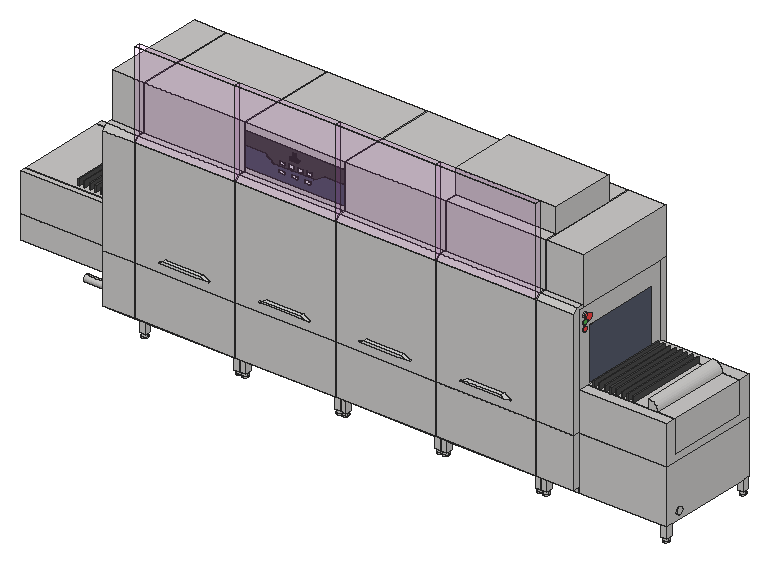
Revit family "QF_ELECTROLUXPROFESSIONAL_520713_EFTD064EL2U1D1M5L385", category Attrezzature speciali, Revit 2020
Family settings
  Quota connettore circolare = Usa diametro
  Tipo di parte = Normale
  Basato su piano di lavoro = No
  Sempre verticale = Sì
  Taglio con vuoti quando caricato = No
  Condiviso = No
  Punto di calcolo locali = No
Parameters (values of type "Standard")
  Weight = 1100.00 kg
  Watts = 48500 W
  Volts = 380 V
  URL Manufacturer = "https://www.electroluxprofessional.com/"
  URL = "https://www.electroluxprofessional.com/"
  Steam Supply Size = 0 mm
  Steam Supply Minimum Pressure = 0.0 Pa
  Steam Supply Maximum Pressure = 0.0 Pa
  Steam Consumption per Hour = 0
  Show Logo [instance] = yes
  Show Clearance [instance] = yes
  Refrigeration Suction Line Size = 0 mm
  Refrigeration Liquid Line Size = 0 mm
  Refrigerant Compressor Remote = yes
  Prospetto di default = 0 mm
  Produttore = "Electrolux Professional"
  Phase = 3
  Modello = "EFTD064EL2U1D1M5L385"
  Length Actual = 5150 mm  # constant formula
  Item Number = "520713"
  Hot Water Size = 0 mm
  Height Actual = 1983 mm  # constant formula
  HP = "65 HP"
  Gas Size = 0 mm
  Gas KW = 0
  Gas Input Pressure = 0 W
  Direct Waste Size = 50.8 mm
  Descrizione = "FT, 2Tanks, 6400D/H, El., 950mm loading, 1000mm unloading, 1Dryer, 55mm conveyor,L>R,380V50Hz3P"
  Depth Actual = 946 mm  # constant formula
  Cycle = 50 Hz
  Condensate Return Size = 0 mm
  Compressed Air Volume = 0.0 L/s
  Compressed Air Size = 0 mm
  Compressed Air Pressure = 0.0 Pa
  Cold Water Size = 0 mm
  Accessory = yes
Reference planes
  plane 1 "Centro (Fronte/Retro)": y = 0
  plane 2: z = 0
  plane 3 "Centro (Sinistra/Destra)": x = 0
  plane 4: z = 115
Forms (mm)
  Extrusion 1, solid, material "QF_Finishes_Stainless Steel"
    sketch origin (1432.404, 2, 1806.023) x (1, 0, 0) y (0, 0, 1)
      loop
        line (407.596, -163.023) -> (407.596, -183.023) -> (427.596, -183.023) -> (427.596, -163.023) -> (407.596, -163.023)
    from 0 to 2
  Extrusion 2, solid, material "QF_Finishes_Stainless Steel"
    sketch origin (5155.617, -1522.464, 1290.159) x (0, 0, -1) y (0, -1, 0)
      loop
        circle (1102.159, -772.464) r 25
    from -9.383 to 5.617
  Extrusion 3, solid, material "QF_Finishes_Stainless Steel"
    sketch origin (2092.404, 2, 337.984) x (1, 0, 0) y (0, 0, 1)
      loop
        line (407.596, -163.023) -> (407.596, -183.023) -> (427.596, -183.023) -> (427.596, -163.023) -> (407.596, -163.023)
    from 0 to 2
  Extrusion 4, solid, material "QF_Finishes_Stainless Steel"
    sketch origin (2526.841, 200.464, 109.383) x (1, 0, 0) y (0, 1, 0)
      loop
        circle (1102.159, -772.464) r 10
    from -9.383 to 5.617
  Extrusion 5, solid, material "QF_Finishes_Stainless Steel"
    sketch origin (2597.841, 200.464, 109.383) x (1, 0, 0) y (0, 1, 0)
      loop
        circle (1102.159, -772.464) r 10
    from -9.383 to 5.617
  Extrusion 6, solid, material "QF_Finishes_Stainless Steel"
    sketch origin (444.383, 22.464, 1290.159) x (0, 0, -1) y (0, 1, 0)
      loop
        circle (1102.159, -772.464) r 25
    from -9.383 to 255.617
Dimensions and locks
  plane 4 to level = 115 mm
  aligned and locked: level to plane 2
Nested families
  nested 1: "MODULO_CENTER_800_FAN" at (3733.563, -388.258, 0), Show Clearance <- "Show Clearance", type "MODULO_CENTER_800_FAN"
    with Show Logo yes, Show Clearance yes, R_L no, L_R yes
  nested 2: "MODULO_CENTER_800" at (2133.563, -388.258, 0), Show Clearance <- "Show Clearance", type "MODULO_CENTER_800"
    with Show Logo yes, Show Clearance yes, R_L no, L_R yes
  nested 3: "MODULO_ENTRY_DISH_950" at (558.563, -388.258, 0), type "MODULO_ENTRY_DISH_950"
    with Show Logo yes, Show Clearance yes, R_L no, L_R yes
  nested 4: "MODULO_USCITA_DISH_1000" at (4508.563, -388.258, 0), type "MODULO_USCITA_DISH_1000"
    with Show Logo yes, Show Clearance yes, R_L yes, L_R no
  nested 5: "Piedino_Square_115H" at (5126.5, -73.5, 0) x (-1, 0, 0) z (0, 0, 1), type "Piedino_Square_115H"
  nested 6: "Piedino_Square_115H" at (5126.5, -838.5, 0) x (-1, 0, 0) z (0, 0, 1), type "Piedino_Square_115H"
  nested 7: "Piedino_Square_115H" at (4173.5, -73.5, 0) x (-1, 0, 0) z (0, 0, 1), type "Piedino_Square_115H"
  nested 8: "Piedino_Square_115H" at (4173.5, -838.5, 0) x (-1, 0, 0) z (0, 0, 1), type "Piedino_Square_115H"
  nested 9: "Piedino_Square_115H" at (2573.5, -838.5, 0), type "Piedino_Square_115H"
  nested 10: "Piedino_Square_115H" at (2573.5, -73.5, 0), type "Piedino_Square_115H"
  nested 11: "Piedino_Square_115H" at (3326.5, -838.5, 0), type "Piedino_Square_115H"
  nested 12: "Piedino_Square_115H" at (3326.5, -73.5, 0), type "Piedino_Square_115H"
  nested 13: "Piedino_Square_115H" at (3373.5, -838.5, 0) x (-1, 0, 0) z (0, 0, 1), type "Piedino_Square_115H"
  nested 14: "Piedino_Square_115H" at (3373.5, -73.5, 0) x (-1, 0, 0) z (0, 0, 1), type "Piedino_Square_115H"
  nested 15: "Piedino_Square_115H" at (4126.5, -838.5, 0) x (-1, 0, 0) z (0, 0, 1), type "Piedino_Square_115H"
  nested 16: "Piedino_Square_115H" at (4126.5, -73.5, 0) x (-1, 0, 0) z (0, 0, 1), type "Piedino_Square_115H"
  nested 17: "Piedino_Square_115H" at (1773.5, -838.5, 0), type "Piedino_Square_115H"
  nested 18: "Piedino_Square_115H" at (1773.5, -73.5, 0), type "Piedino_Square_115H"
  nested 19: "Piedino_Square_115H" at (2526.5, -838.5, 0), type "Piedino_Square_115H"
  nested 20: "Piedino_Square_115H" at (2526.5, -73.5, 0), type "Piedino_Square_115H"
  nested 21: "MANIGLIA_FLIGHT_400" at (2150, -912, 639.28) x (1, 0, 0) z (0, -1, 0), type "MANIGLIA_FLIGHT_400"
  nested 22: "MANIGLIA_FLIGHT_400" at (3750, -912, 639.28) x (1, 0, 0) z (0, -1, 0), type "MANIGLIA_FLIGHT_400"
  nested 23: "MANIGLIA_FLIGHT_400" at (2950, -912, 639.28) x (1, 0, 0) z (0, -1, 0), type "MANIGLIA_FLIGHT_400"
  nested 24: "Schermo_Flight_800" at (2150, -815, 1583) x (1, 0, 0) z (0, -1, 0), type "Schermo_Flight_800"
  nested 25: "ELX_LOGO_WORDS_WHITE" at (2150, -816.6, 1663) x (1, 0, 0) z (0, -1, 0), Show Logo <- "Show Logo", visible <- "Show Logo", type "ELX_LOGO_WORDS_WHITE"
    with Show Logo yes
  nested 26: "ELX_LOGO_MONO_SMALL_WHITE" at (2140.08, -816.6, 1649) x (-1, 0, 0) z (0, -1, 0), Show Logo <- "Show Logo", visible <- "Show Logo", type "ELX_LOGO_MONO_SMALL_WHITE"
    with Show Logo yes
  nested 27: "MODULO_CENTER_800" at (2966.437, -388.258, 0) x (-1, 0, 0) z (0, 0, 1), Show Clearance <- "Show Clearance", type "MODULO_CENTER_800"
    with Show Logo yes, Show Clearance yes, R_L no, L_R yes
  nested 28: "Piedino_Square_115H" at (1726.5, -838.5, 0) x (-1, 0, 0) z (0, 0, 1), type "Piedino_Square_115H"
  nested 29: "Piedino_Square_115H" at (1726.5, -73.5, 0) x (-1, 0, 0) z (0, 0, 1), type "Piedino_Square_115H"
  nested 30: "Piedino_Square_115H" at (973.5, -838.5, 0) x (-1, 0, 0) z (0, 0, 1), type "Piedino_Square_115H"
  nested 31: "Piedino_Square_115H" at (973.5, -73.5, 0) x (-1, 0, 0) z (0, 0, 1), type "Piedino_Square_115H"
  nested 32: "MANIGLIA_FLIGHT_400" at (1350, -912, 639.28) x (-1, 0, 0) z (0, -1, 0), type "MANIGLIA_FLIGHT_400"
  nested 33: "MODULO_CENTER_800" at (1333.563, -388.258, 0), Show Clearance <- "Show Clearance", type "MODULO_CENTER_800"
    with Show Logo yes, Show Clearance yes, R_L no, L_R yes
Connectors
  electrical at (1850, 2, 1633)
    settings: on Extrusion 1, index 69, voltage 0 V, apparent load 0 VA, apparent load phase1 0 VA, apparent load phase2 0 VA, apparent load phase3 0 VA, power factor 1, load classification "Altro", number of poles 1, system type 30, power factor state 1, is connector primary yes, connector utility no, sub classification motor no, connector description "EI"
  piping at (5165, -750, 188), diameter 50
    settings: on Extrusion 2, index 70, connector inside diameter 609.6 mm, connector length 0 mm, flow factor 0, pipe flow 0.0 L/s, pressure drop 0.0 Pa, fitting loss kfactor 0, connector angle 0.00°, fixture units 0, engagement length 0 mm, angle of deflection 0.00°, flow configuration 0, flow direction 0, fitting loss method 0, system type 29, joint type 0, gender type 0, connector reference index -1, connector utility 0, adjustable connector no, is connector primary yes, connector description "D"
  electrical at (2510, 2, 164.961)
    settings: on Extrusion 3, index 71, voltage 0 V, apparent load 0 VA, apparent load phase1 0 VA, apparent load phase2 0 VA, apparent load phase3 0 VA, power factor 1, load classification "Altro", number of poles 1, system type 30, power factor state 1, is connector primary no, connector utility no, sub classification motor no, connector description "EQ"
  piping at (3629, -572, 100), diameter 19.1
    settings: on Extrusion 4, index 72, connector inside diameter 609.6 mm, connector length 0 mm, flow factor 0, pipe flow 0.0 L/s, pressure drop 0.0 Pa, fitting loss kfactor 0, connector angle 0.00°, fixture units 0, engagement length 0 mm, angle of deflection 0.00°, flow configuration 0, flow direction 0, fitting loss method 0, system type 29, joint type 0, gender type 0, connector reference index -1, connector utility 0, adjustable connector no, is connector primary no, connector description "HWI/CWI"
  piping at (3700, -572, 100), diameter 19.1
    settings: on Extrusion 5, index 73, connector inside diameter 609.6 mm, connector length 0 mm, flow factor 0, pipe flow 0.0 L/s, pressure drop 0.0 Pa, fitting loss kfactor 0, connector angle 0.00°, fixture units 0, engagement length 0 mm, angle of deflection 0.00°, flow configuration 0, flow direction 0, fitting loss method 0, system type 29, joint type 0, gender type 0, connector reference index -1, connector utility 0, adjustable connector no, is connector primary no, connector description "HWI/CWI"
  piping at (435, -750, 188), diameter 50
    settings: on Extrusion 6, index 74, connector inside diameter 609.6 mm, connector length 0 mm, flow factor 0, pipe flow 0.0 L/s, pressure drop 0.0 Pa, fitting loss kfactor 0, connector angle 0.00°, fixture units 0, engagement length 0 mm, angle of deflection 0.00°, flow configuration 0, flow direction 0, fitting loss method 0, system type 29, joint type 0, gender type 0, connector reference index -1, connector utility 0, adjustable connector no, is connector primary no, connector description "D"
Definition of nested family "MODULO_CENTER_800_FAN"
  Parameters (values of type "MODULO_CENTER_800_FAN")
    URL = "http://professional.electrolux.com"
    Show Logo [instance] = yes
    R_L [instance] = not(L_R)  # no
    Default Elevation = 0 mm
    Manufacturer = "Electrolux"
    Model = "ESR10E5"
    Length Actual = 800 mm
    Show Clearance [instance] = yes
    L_R [instance] = yes
    Height Actual = 1792 mm
    Description = "SINGLE RINSE RT, 100R/H, ELECTRIC 50HZ"
    Depth Actual = 912 mm
  Reference planes
    plane 1 "Center X": y = -67.742
    plane 2: z = 0
    plane 3 "LEFT": x = -383.563
    plane 4 "RIGHT": x = 416.437
    plane 5 "BACK": y = 388.258
    plane 6 "FEET": z = 115
    plane 7: z = 2092
    plane 8 "TOP": z = 1792
    plane 9 "FRONT": y = -523.742
    plane 10 "Left/Right": x = 16.437
    plane 11 "TopVent": z = 1983
  Forms (mm)
    Extrusion 1, solid
      sketch origin (416.437, 479.936, 4000) x (0, 1, 0) y (0, 0, 1)
        loop
          line (-91.678, -2208) -> (-906.678, -2208) -> (-906.678, -2580) -> (-91.678, -2580) -> (-91.678, -2208)
      from -800 to 0
    Extrusion 2, solid
      sketch origin (-383.563, 437.565, 3910) x (0, 1, 0) y (0, 0, 1)
        loop
          line (-99.307, -2490) -> (-911.307, -2490) -> (-911.307, -3552) -> (-99.307, -3552) -> (-99.307, -2490)
      from 800 to 0
    Extrusion 3, solid
      sketch origin (416.437, 479.936, 4299) x (0, 1, 0) y (0, 0, 1)
        loop
          line (-278.21, -2316) -> (-803.678, -2316) -> (-803.678, -2507) -> (-278.21, -2507) -> (-278.21, -2316)
      from -800 to 0
    Extrusion 4, solid
      sketch origin (16.437, 0, 1.5) x (0, 0, 1) y (0, -1, 0)
        loop
          line (356.5, -338.258) -> (356.5, 473.742) -> (113.5, 473.742) -> (113.5, -338.258) -> (356.5, -338.258)
      from 400 to -400
    Extrusion 5, solid
      sketch origin (16.437, 0, 0) x (0, 0, 1) y (0, -1, 0)
        loop
          line (1420, -338.258) -> (545, -338.258) -> (545, -388.258) -> (1420, -388.258) -> (1420, -338.258)
      from -400 to 400
    Extrusion 6, solid
      sketch origin (16.437, 0, 0) x (0, 0, 1) y (0, -1, 0)
        loop
          line (545, -388.258) -> (545, -338.258) -> (154, -338.258) -> (154, -388.258) -> (545, -388.258)
      from -400 to 400
    Extrusion 7, solid
      sketch origin (16.437, -882.484, -150) x (0, -1, 0) y (0, 0, 1)
        loop
          line (-358.742, 304) -> (-358.742, 695) -> (-408.742, 695) -> (-408.742, 304) -> (-358.742, 304)
      from -400 to 400
    Extrusion 8, solid
      sketch origin (16.437, -882.484, -151) x (0, -1, 0) y (0, 0, 1)
        loop
          line (-408.742, 1571) -> (-408.742, 696) -> (-358.742, 696) -> (-358.742, 1556) -> (-395.742, 1593) -> (-443.742, 1593) -> (-443.742, 1571) -> (-408.742, 1571)
      from -400 to 400
    Extrusion 9, solid, visible <- "Show Clearance"
      sketch origin (16.437, -882.484, 452) x (0, -1, 0) y (0, 0, 1)
        loop
          line (-408.742, 1640) -> (-408.742, 953.624) -> (-358.742, 953.624) -> (-358.742, 1640) -> (-408.742, 1640)
      from -400 to 400
  Dimensions and locks
    plane 3 "LEFT" to plane 4 "RIGHT" = 800 mm
    plane 5 "BACK" to plane 1 "Center X" to plane 9 "FRONT" = 456 mm, 456 mm
    plane 6 "FEET" to level = 115 mm  (x2)
    plane 6 "FEET" to plane 8 "TOP" = 1677 mm
    plane 5 "BACK" to plane 9 "FRONT" = 912 mm  (x2)
    plane 4 "RIGHT" to plane 3 "LEFT" = 800 mm
    plane 9 "FRONT" to plane 5 "BACK" = 912 mm
    level to plane 8 "TOP" = 1792 mm  (x2)
    plane 7 to level = 2092 mm
    plane 11 "TopVent" to plane 2 = 1983 mm
    plane 7 to plane 2 = 2092 mm
    Extrusion 2 to level = 1420 mm
    Extrusion 8 to level = 1442 mm
    plane 11 "TopVent" to level = 1983 mm
    aligned and locked: level to plane 2
Definition of nested family "MODULO_CENTER_800"
  Parameters (values of type "MODULO_CENTER_800")
    URL = "http://professional.electrolux.com"
    Show Logo [instance] = yes
    R_L [instance] = not(L_R)  # no
    Default Elevation = 0 mm
    Manufacturer = "Electrolux"
    Model = "ESR10E5"
    Length Actual = 800 mm
    Show Clearance [instance] = yes
    L_R [instance] = yes
    Height Actual = 1792 mm
    Description = "SINGLE RINSE RT, 100R/H, ELECTRIC 50HZ"
    Depth Actual = 912 mm
  Reference planes
    plane 1 "Center X": y = -67.742
    plane 2: z = 0
    plane 3 "LEFT": x = -383.563
    plane 4 "RIGHT": x = 416.437
    plane 5 "BACK": y = 388.258
    plane 6 "FEET": z = 115
    plane 7: z = 2092
    plane 8 "TOP": z = 1792
    plane 9 "FRONT": y = -523.742
    plane 10 "Left/Right": x = 16.437
  Forms (mm)
    Extrusion 1, solid
      sketch origin (416.437, 479.936, 4000) x (0, 1, 0) y (0, 0, 1)
        loop
          line (-91.678, -2208) -> (-906.678, -2208) -> (-906.678, -2580) -> (-91.678, -2580) -> (-91.678, -2208)
      from -800 to 0
    Extrusion 2, solid
      sketch origin (-383.563, 437.565, 3915) x (0, 1, 0) y (0, 0, 1)
        loop
          line (-99.307, -2495) -> (-911.307, -2495) -> (-911.307, -3557) -> (-99.307, -3557) -> (-99.307, -2495)
      from 800 to 0
    Extrusion 3, solid
      sketch origin (16.437, 0, 1.5) x (0, 0, 1) y (0, -1, 0)
        loop
          line (356.5, -338.258) -> (356.5, 473.742) -> (113.5, 473.742) -> (113.5, -338.258) -> (356.5, -338.258)
      from 400 to -400
    Extrusion 4, solid
      sketch origin (16.437, 0, 0) x (0, 0, 1) y (0, -1, 0)
        loop
          line (1420, -338.258) -> (545, -338.258) -> (545, -388.258) -> (1420, -388.258) -> (1420, -338.258)
      from -400 to 400
    Extrusion 5, solid
      sketch origin (16.437, 0, 0) x (0, 0, 1) y (0, -1, 0)
        loop
          line (545, -388.258) -> (545, -338.258) -> (154, -338.258) -> (154, -388.258) -> (545, -388.258)
      from -400 to 400
    Extrusion 6, solid
      sketch origin (16.437, -882.484, -150) x (0, -1, 0) y (0, 0, 1)
        loop
          line (-358.742, 304) -> (-358.742, 695) -> (-408.742, 695) -> (-408.742, 304) -> (-358.742, 304)
      from -400 to 400
    Extrusion 7, solid
      sketch origin (16.437, -882.484, -151) x (0, -1, 0) y (0, 0, 1)
        loop
          line (-408.742, 1571) -> (-408.742, 696) -> (-358.742, 696) -> (-358.742, 1556) -> (-395.742, 1593) -> (-443.742, 1593) -> (-443.742, 1571) -> (-408.742, 1571)
      from -400 to 400
    Extrusion 8, solid, visible <- "Show Clearance"
      sketch origin (16.437, -882.484, 452) x (0, -1, 0) y (0, 0, 1)
        loop
          line (-408.742, 1640) -> (-408.742, 953.624) -> (-358.742, 953.624) -> (-358.742, 1640) -> (-408.742, 1640)
      from -400 to 400
  Dimensions and locks
    plane 3 "LEFT" to plane 4 "RIGHT" = 800 mm
    plane 5 "BACK" to plane 1 "Center X" to plane 9 "FRONT" = 456 mm, 456 mm
    plane 6 "FEET" to level = 115 mm  (x2)
    plane 6 "FEET" to plane 8 "TOP" = 1677 mm
    plane 5 "BACK" to plane 9 "FRONT" = 912 mm  (x2)
    plane 4 "RIGHT" to plane 3 "LEFT" = 800 mm
    plane 9 "FRONT" to plane 5 "BACK" = 912 mm
    level to plane 8 "TOP" = 1792 mm  (x2)
    plane 7 to level = 2092 mm
    plane 7 to plane 2 = 2092 mm
    Extrusion 2 to level = 1420 mm
    Extrusion 7 to level = 1442 mm
    aligned and locked: level to plane 2
Definition of nested family "MODULO_ENTRY_DISH_950"
  Parameters (values of type "MODULO_ENTRY_DISH_950")
    URL = "http://professional.electrolux.com"
    Show Logo [instance] = yes
    R_L [instance] = not(L_R)  # no
    Default Elevation = 0 mm
    Manufacturer = "Electrolux"
    Model = "ESR10E5"
    Length Actual = 800 mm
    Show Clearance [instance] = yes
    L_R [instance] = yes
    Height Actual = 1792 mm
    Description = "SINGLE RINSE RT, 100R/H, ELECTRIC 50HZ"
    Depth Actual = 912 mm
  Reference planes
    plane 1 "Center (Front/Back)": y = -67.742
    plane 2: z = 0
    plane 3 "LEFT": x = -558.563
    plane 4 "RIGHT": x = 391.437
    plane 5 "BACK": y = 388.258
    plane 6 "FRONT": y = -523.742
    plane 7 "BUTTONS": y = -427.742
    plane 8: z = 115
    plane 9 "2": y = 292.258
  Forms (mm)
    Extrusion 1, solid, visible <- "L_R"
      sketch origin (391.437, 479.936, 4000) x (0, 1, 0) y (0, 0, 1)
        loop
          line (-91.678, -2208) -> (-906.678, -2208) -> (-906.678, -2580) -> (-91.678, -2580) -> (-91.678, -2208)
      from -250 to 0
    Extrusion 2, solid
      sketch origin (-358.563, 437.565, 3910) x (0, 1, 0) y (0, 0, 1)
        loop
          line (-99.307, -2490) -> (-911.307, -2490) -> (-911.307, -3552) -> (-99.307, -3552) -> (-99.307, -2490)
      from 750 to 500
    Extrusion 3, solid
      sketch origin (-558.563, 437.565, 3910) x (0, 1, 0) y (0, 0, 1)
        loop
          line (-99.307, -3365) -> (-99.307, -3060) -> (-149.307, -3060) -> (-149.307, -3315) -> (-861.307, -3315) -> (-861.307, -3060) -> (-911.307, -3060) -> (-911.307, -3365) -> (-99.307, -3365)
      from 700 to 0
    Extrusion 4, solid
      sketch origin (16.437, 0, -4.987) x (0, 0, 1) y (0, -1, 0)
        loop
          line (362.987, -338.258) -> (362.987, 473.742) -> (119.987, 473.742) -> (119.987, -338.258) -> (362.987, -338.258)
      from 375 to 125
    Extrusion 5, solid, visible <- "L_R"
      sketch origin (16.437, 0, 0) x (0, 0, 1) y (0, -1, 0)
        loop
          line (1420, -338.258) -> (545, -338.258) -> (545, -388.258) -> (1420, -388.258) -> (1420, -338.258)
      from 125 to 375
    Extrusion 6, solid
      sketch origin (16.437, 0, 0) x (0, 0, 1) y (0, -1, 0)
        loop
          line (545, -388.258) -> (545, -338.258) -> (154, -338.258) -> (154, -388.258) -> (545, -388.258)
      from 125 to 375
    Extrusion 7, solid
      sketch origin (-558.563, 437.565, 3607.258) x (0, 1, 0) y (0, 0, 1)
        loop
          line (-99.307, -3249.258) -> (-99.307, -3062.258) -> (-911.307, -3062.258) -> (-911.307, -3249.258) -> (-99.307, -3249.258)
      from 700 to 0
    Extrusion 8, solid
      sketch origin (-558.563, 437.565, 4000) x (0, 1, 0) y (0, 0, 1)
        loop
          line (-149.307, -3150) -> (-861.307, -3150) -> (-861.307, -3405) -> (-149.307, -3405) -> (-149.307, -3150)
      from 0 to 700
    Extrusion 9, solid
      sketch origin (266.437, -882.484, -150) x (0, -1, 0) y (0, 0, 1)
        loop
          line (-358.742, 304) -> (-358.742, 695) -> (-408.742, 695) -> (-408.742, 304) -> (-358.742, 304)
      from -125 to 125
    Extrusion 10, solid, visible <- "L_R"
      sketch origin (266.437, -882.484, -151) x (0, -1, 0) y (0, 0, 1)
        loop
          line (-408.742, 1571) -> (-408.742, 696) -> (-358.742, 696) -> (-358.742, 1556) -> (-395.742, 1593) -> (-443.742, 1593) -> (-443.742, 1571) -> (-408.742, 1571)
      from -125 to 125
    Extrusion 11, solid
      sketch origin (-358.563, 437.565, 4000) x (0, 1, 0) y (0, 0, 1)
        loop
          line (-199.307, -2725.701) -> (-811.307, -2725.701) -> (-811.307, -3137.701) -> (-199.307, -3137.701) -> (-199.307, -2725.701)
      from 495.458 to 500
    Extrusion 12, solid, visible <- "R_L"
      sketch origin (266.437, 747, -151) x (0, 1, 0) y (0, 0, -1)
        loop
          line (-408.742, -1571) -> (-443.742, -1571) -> (-443.742, -1593) -> (-395.742, -1593) -> (-358.742, -1556) -> (-358.742, -696) -> (-408.742, -696) -> (-408.742, -1571)
      from -125 to 125
    Extrusion 13, solid, visible <- "R_L"
      sketch origin (16.437, -135.484, 0) x (0, 0, 1) y (0, -1, 0)
        loop
          line (1420, 338.258) -> (1420, 388.258) -> (545, 388.258) -> (545, 338.258) -> (1420, 338.258)
      from 125 to 375
    Extrusion 14, solid, visible <- "R_L"
      sketch origin (391.437, -615.42, 4000) x (0, -1, 0) y (0, 0, -1)
        loop
          line (-91.678, 2208) -> (-91.678, 2580) -> (-906.678, 2580) -> (-906.678, 2208) -> (-91.678, 2208)
      from -250 to 0
    Extrusion 15, solid
      sketch origin (-191.477, -192.742, -3) x (-1, 0, 0) y (0, 0, 1)
        loop
          line (-26.676, 853) -> (-26.676, 898) -> (-36.676, 898) -> (-36.676, 853) -> (-26.676, 853)
      from -196 to 446
    Extrusion 16, solid
      sketch origin (-146.477, -192.742, -3) x (-1, 0, 0) y (0, 0, 1)
        loop
          line (-26.676, 853) -> (-26.676, 898) -> (-36.676, 898) -> (-36.676, 853) -> (-26.676, 853)
      from -196 to 446
    Extrusion 17, solid
      sketch origin (-101.477, -192.742, -3) x (-1, 0, 0) y (0, 0, 1)
        loop
          line (-26.676, 853) -> (-26.676, 898) -> (-36.676, 898) -> (-36.676, 853) -> (-26.676, 853)
      from -196 to 446
    Extrusion 18, solid
      sketch origin (-56.477, -192.742, -3) x (-1, 0, 0) y (0, 0, 1)
        loop
          line (-26.676, 853) -> (-26.676, 898) -> (-36.676, 898) -> (-36.676, 853) -> (-26.676, 853)
      from -196 to 446
    Extrusion 19, solid
      sketch origin (-11.477, -192.742, -3) x (-1, 0, 0) y (0, 0, 1)
        loop
          line (-26.676, 853) -> (-26.676, 898) -> (-36.676, 898) -> (-36.676, 853) -> (-26.676, 853)
      from -196 to 446
    Extrusion 20, solid
      sketch origin (33.523, -192.742, -3) x (-1, 0, 0) y (0, 0, 1)
        loop
          line (-26.676, 853) -> (-26.676, 898) -> (-36.676, 898) -> (-36.676, 853) -> (-26.676, 853)
      from -196 to 446
  Dimensions and locks
    plane 3 "LEFT" to plane 4 "RIGHT" = 950 mm
    plane 5 "BACK" to plane 1 "Center (Front/Back)" to plane 6 "FRONT" = 456 mm, 456 mm
    plane 5 "BACK" to plane 6 "FRONT" = 912 mm  (x2)
    plane 4 "RIGHT" to plane 3 "LEFT" = 950 mm  (x2)
    plane 6 "FRONT" to plane 5 "BACK" = 912 mm
    plane 8 to level = 115 mm
    Extrusion 1 to level = 1792 mm
    Extrusion 3 to level = 850 mm
    aligned and locked: level to plane 2
  Nested families
    nested 1: "BOTTONE_RED_STOP" at (141.437, -427.742, 1266.906) x (0, -1, 0) z (-1, 0, 0), visible <- "L_R", type "BOTTONE_RED_STOP"
    nested 2: "BOTTONE_EMERGENCY_STOP" at (141.437, -427.742, 1370) x (0, -1, 0) z (-1, 0, 0), visible <- "L_R", type "BOTTONE_EMERGENCY_STOP"
    nested 3: "BOTTONE_GREEN_START" at (141.437, -427.742, 1316.906) x (0, -1, 0) z (-1, 0, 0), visible <- "L_R", type "BOTTONE_GREEN_START"
    nested 4: "BOTTONE_RED_STOP" at (141.437, 292.258, 1267.906) x (0, 1, 0) z (-1, 0, 0), visible <- "R_L", type "BOTTONE_RED_STOP"
    nested 5: "BOTTONE_EMERGENCY_STOP" at (141.437, 292.258, 1371) x (0, 1, 0) z (-1, 0, 0), visible <- "R_L", type "BOTTONE_EMERGENCY_STOP"
    nested 6: "BOTTONE_GREEN_START" at (141.437, 292.258, 1317.906) x (0, 1, 0) z (-1, 0, 0), visible <- "R_L", type "BOTTONE_GREEN_START"
  Definition of nested family "BOTTONE_RED_STOP"
    Parameters (values of type "BOTTONE_RED_STOP")
      Default Elevation = 1219.2 mm
    Reference planes
      plane 1 "Centro (Fronte/Retro)": y = 0
      plane 2: z = 0
      plane 3 "Centro (Sinistra/Destra)": x = 0
    Forms (mm)
      Extrusion 1, solid
        sketch origin (0, 0, 0) x (1, 0, 0) y (0, 1, 0)
          loop
            line (-1219.2, 1219.2) -> (-1219.2, -1219.2) -> (1219.2, -1219.2) -> (1219.2, 1219.2) -> (-1219.2, 1219.2)
        from 0 to -304.8
      Extrusion 2, solid
        sketch origin (-367.513, 69.533, 15) x (-1, 0, 0) y (0, 1, 0)
          loop
            circle (-367.513, -69.533) r 15
        from 0 to 15
    Dimensions and locks
      aligned and locked: plane 2 to Extrusion 1
      aligned and locked: level to Extrusion 1
  Definition of nested family "BOTTONE_EMERGENCY_STOP"
    Parameters
      Default Elevation = 1219.2 mm
    Reference planes
      plane 1 "Centro (Fronte/Retro)": y = 0
      plane 2: z = 0
      plane 3 "Centro (Sinistra/Destra)": x = 0
    Forms (mm)
      Extrusion 1, solid
        sketch origin (0, 0, 0) x (1, 0, 0) y (0, 1, 0)
          loop
            line (-1219.2, 1219.2) -> (-1219.2, -1219.2) -> (1219.2, -1219.2) -> (1219.2, 1219.2) -> (-1219.2, 1219.2)
        from 0 to -304.8
      Extrusion 2, solid
        sketch origin (0, 0, 0) x (1, 0, 0) y (0, 1, 0)
          loop
            circle (0, 0) r 15
        from 0 to 20.273
      Blend 3, solid
        base sketch origin (-49.801, 0, 0) x (1, 0, 0) y (0, 1, 0)
          loop
            circle (49.801, 0) r 15
        top sketch origin (-49.801, 0, 0) x (1, 0, 0) y (0, 1, 0)
          loop
            circle (49.801, 0) r 25
        from 20.273 to 47.605
    Dimensions and locks
      aligned and locked: plane 2 to Extrusion 1
      aligned and locked: level to Extrusion 1
  Definition of nested family "BOTTONE_GREEN_START"
    Parameters (values of type "BOTTONE_GREEN_START")
      Default Elevation = 1219.2 mm
    Reference planes
      plane 1 "Centro (Fronte/Retro)": y = 0
      plane 2: z = 0
      plane 3 "Centro (Sinistra/Destra)": x = 0
    Forms (mm)
      Extrusion 1, solid
        sketch origin (0, 0, 0) x (1, 0, 0) y (0, 1, 0)
          loop
            line (-1219.2, 1219.2) -> (-1219.2, -1219.2) -> (1219.2, -1219.2) -> (1219.2, 1219.2) -> (-1219.2, 1219.2)
        from 0 to -304.8
      Extrusion 2, solid
        sketch origin (-367.513, 69.533, 15) x (-1, 0, 0) y (0, 1, 0)
          loop
            circle (-367.513, -69.533) r 15
        from 0 to 15
    Dimensions and locks
      aligned and locked: plane 2 to Extrusion 1
      aligned and locked: level to Extrusion 1
Definition of nested family "MODULO_USCITA_DISH_1000"
  Parameters (values of type "MODULO_USCITA_DISH_1000")
    URL = "http://professional.electrolux.com"
    Show Logo [instance] = yes
    R_L [instance] = not(L_R)  # yes
    Default Elevation = 0 mm
    Manufacturer = "Electrolux"
    Model = "ESR10E5"
    Length Actual = 800 mm
    Show Clearance [instance] = yes
    L_R [instance] = no
    Height Actual = 1792 mm
    Description = "SINGLE RINSE RT, 100R/H, ELECTRIC 50HZ"
    Depth Actual = 912 mm
  Reference planes
    plane 1 "Center (Front/Back)": y = -67.742
    plane 2: z = 0
    plane 3 "LEFT": x = -358.563
    plane 4 "BACK": y = 388.258
    plane 5 "FEET": z = 115
    plane 6 "TOP": z = 1792
    plane 7 "FRONT": y = -523.742
    plane 8 "Left/Right": x = 16.437
    plane 9: x = -358.563
    plane 10: y = -427.742
    plane 11 "RIGHT": x = 641.437
  Forms (mm)
    Extrusion 1, solid, visible <- "R_L"
      sketch origin (-358.563, 479.936, 4003) x (0, 1, 0) y (0, 0, -1)
        loop
          line (-91.678, 2211) -> (-91.678, 2583) -> (-906.678, 2583) -> (-906.678, 2211) -> (-91.678, 2211)
      from -300 to 0
    Extrusion 2, solid
      sketch origin (-358.563, 437.565, 4003) x (0, 1, 0) y (0, 0, 1)
        loop
          line (-99.307, -3458) -> (-911.307, -3458) -> (-911.307, -3888) -> (-99.307, -3888) -> (-99.307, -3458)
      from 300 to 0
    Extrusion 3, solid
      sketch origin (-358.563, 479.936, 4003) x (0, 1, 0) y (0, 0, -1)
        loop
          line (-141.678, 2583) -> (-141.678, 3458) -> (-953.678, 3458) -> (-953.678, 2583) -> (-141.678, 2583)
      from -300 to 0
    Extrusion 4, solid
      sketch origin (391.437, 437.565, 3913) x (0, 1, 0) y (0, 0, -1)
        loop
          line (-99.307, 3368) -> (-911.307, 3368) -> (-911.307, 3063) -> (-826.307, 3063) -> (-826.307, 3318) -> (-184.307, 3318) -> (-184.307, 3063) -> (-99.307, 3063) -> (-99.307, 3368)
      from 450 to -250
    Extrusion 5, solid, visible <- "R_L"
      sketch origin (16.437, 0, 3) x (0, 0, 1) y (0, 1, 0)
        loop
          line (1417, 338.258) -> (1417, 388.258) -> (542, 388.258) -> (542, 338.258) -> (1417, 338.258)
      from 75 to 375
    Extrusion 6, solid
      sketch origin (16.437, 0, 3) x (0, 0, 1) y (0, 1, 0)
        loop
          line (542, 388.258) -> (151, 388.258) -> (151, 338.258) -> (542, 338.258) -> (542, 388.258)
      from 75 to 375
    Extrusion 7, solid
      sketch origin (391.437, 437.565, 3610.258) x (0, 1, 0) y (0, 0, -1)
        loop
          line (-99.307, 3495.258) -> (-911.307, 3495.258) -> (-911.307, 3065.258) -> (-99.307, 3065.258) -> (-99.307, 3495.258)
      from 450 to -250
    Extrusion 8, solid
      sketch origin (641.437, 0, 3) x (0, 1, 0) y (0, 0, 1)
        loop
          line (253.258, 847) -> (-388.742, 847) -> (-388.742, 592) -> (253.258, 592) -> (253.258, 847)
      from 0 to -700
    Extrusion 9, solid
      sketch origin (-358.563, 437.565, 3928) x (0, 1, 0) y (0, 0, 1)
        loop
          line (-811.307, -3065.701) -> (-199.307, -3065.701) -> (-199.307, -2653.701) -> (-811.307, -2653.701) -> (-811.307, -3065.701)
      from 300 to 304.77
    Extrusion 10, solid
      sketch origin (-208.563, -115, -147) x (0, 1, 0) y (0, 0, 1)
        loop
          line (-358.742, 301) -> (-358.742, 692) -> (-408.742, 692) -> (-408.742, 301) -> (-358.742, 301)
      from -150 to 150
    Extrusion 11, solid, visible <- "R_L"
      sketch origin (-208.563, -882.484, -151) x (0, -1, 0) y (0, 0, 1)
        loop
          line (-408.742, 1571) -> (-408.742, 696) -> (-358.742, 696) -> (-358.742, 1556) -> (-395.742, 1593) -> (-443.742, 1593) -> (-443.742, 1571) -> (-408.742, 1571)
      from -150 to 150
    Extrusion 12, solid
      sketch origin (-39.574, -192.742, -3) x (-1, 0, 0) y (0, 0, 1)
        loop
          line (-26.676, 853) -> (-26.676, 898) -> (-36.676, 898) -> (-36.676, 853) -> (-26.676, 853)
      from -196 to 446
    Extrusion 13, solid
      sketch origin (5.426, -192.742, -3) x (-1, 0, 0) y (0, 0, 1)
        loop
          line (-26.676, 853) -> (-26.676, 898) -> (-36.676, 898) -> (-36.676, 853) -> (-26.676, 853)
      from -196 to 446
    Extrusion 14, solid
      sketch origin (50.426, -192.742, -3) x (-1, 0, 0) y (0, 0, 1)
        loop
          line (-26.676, 853) -> (-26.676, 898) -> (-36.676, 898) -> (-36.676, 853) -> (-26.676, 853)
      from -196 to 446
    Extrusion 15, solid
      sketch origin (95.426, -192.742, -3) x (-1, 0, 0) y (0, 0, 1)
        loop
          line (-26.676, 853) -> (-26.676, 898) -> (-36.676, 898) -> (-36.676, 853) -> (-26.676, 853)
      from -196 to 446
    Extrusion 16, solid
      sketch origin (140.426, -192.742, -3) x (-1, 0, 0) y (0, 0, 1)
        loop
          line (-26.676, 853) -> (-26.676, 898) -> (-36.676, 898) -> (-36.676, 853) -> (-26.676, 853)
      from -196 to 446
    Extrusion 17, solid
      sketch origin (185.426, -192.742, -3) x (-1, 0, 0) y (0, 0, 1)
        loop
          line (-26.676, 853) -> (-26.676, 898) -> (-36.676, 898) -> (-36.676, 853) -> (-26.676, 853)
      from -196 to 446
    Extrusion 18, solid
      sketch origin (230.426, -192.742, -3) x (-1, 0, 0) y (0, 0, 1)
        loop
          line (-26.676, 853) -> (-26.676, 898) -> (-36.676, 898) -> (-36.676, 853) -> (-26.676, 853)
      from -196 to 446
    Extrusion 19, solid
      sketch origin (275.426, -192.742, -3) x (-1, 0, 0) y (0, 0, 1)
        loop
          line (-26.676, 853) -> (-26.676, 898) -> (-36.676, 898) -> (-36.676, 853) -> (-26.676, 853)
      from -196 to 446
    Revolve 20, solid
      sketch origin (0, 0, 850) x (1, 0, 0) y (0, 1, 0)
        loop
          line (430.204, 253.258) -> (430.204, -388.742) -> (502.335, -388.742) -> (502.335, 253.258) -> (430.204, 253.258)
        axis (430.204, 253.258) -> (430.204, -388.742)
      angle from 0 to -90
    Extrusion 21, solid, visible <- "L_R"
      sketch origin (-208.563, 747, -151) x (0, 1, 0) y (0, 0, -1)
        loop
          line (-408.742, -1571) -> (-443.742, -1571) -> (-443.742, -1593) -> (-395.742, -1593) -> (-358.742, -1556) -> (-358.742, -696) -> (-408.742, -696) -> (-408.742, -1571)
      from -150 to 150
    Extrusion 22, solid, visible <- "L_R"
      sketch origin (16.437, -135.484, 3) x (0, 0, 1) y (0, 1, 0)
        loop
          line (1417, -338.258) -> (542, -338.258) -> (542, -388.258) -> (1417, -388.258) -> (1417, -338.258)
      from 75 to 375
    Extrusion 23, solid, visible <- "L_R"
      sketch origin (-358.563, -615.42, 4003) x (0, -1, 0) y (0, 0, 1)
        loop
          line (-91.678, -2211) -> (-906.678, -2211) -> (-906.678, -2583) -> (-91.678, -2583) -> (-91.678, -2211)
      from -300 to 0
  Dimensions and locks
    plane 4 "BACK" to plane 1 "Center (Front/Back)" to plane 7 "FRONT" = 456 mm, 456 mm
    plane 5 "FEET" to level = 115 mm  (x2)
    plane 4 "BACK" to plane 7 "FRONT" = 912 mm  (x2)
    plane 7 "FRONT" to plane 4 "BACK" = 912 mm
    level to plane 6 "TOP" = 1792 mm
    plane 3 "LEFT" to plane 8 "Left/Right" = 375 mm
    plane 8 "Left/Right" to plane 11 "RIGHT" = 625 mm
    plane 3 "LEFT" to plane 11 "RIGHT" = 1000 mm
    plane 9 to plane 11 "RIGHT" = 1000 mm
    plane 6 "TOP" to level = 1792 mm
    aligned and locked: level to plane 2
  Nested families
    nested 1: "BOTTONE_EMERGENCY_STOP" at (-58.563, -427.742, 1369) x (0, -1, 0) z (1, 0, 0), visible <- "R_L", type "BOTTONE_EMERGENCY_STOP"
    nested 2: "BOTTONE_GREEN_START" at (-58.563, -427.742, 1315.906) x (0, -1, 0) z (1, 0, 0), visible <- "R_L", type "BOTTONE_GREEN_START"
    nested 3: "BOTTONE_RED_STOP" at (-58.563, -427.742, 1265.906) x (0, -1, 0) z (1, 0, 0), visible <- "R_L", type "BOTTONE_RED_STOP"
    nested 4: "BOTTONE_EMERGENCY_STOP" at (-58.563, 292.258, 1369) x (0, 1, 0) z (1, 0, 0), visible <- "L_R", type "BOTTONE_EMERGENCY_STOP"
    nested 5: "BOTTONE_GREEN_START" at (-58.563, 292.258, 1315.906) x (0, 1, 0) z (1, 0, 0), visible <- "L_R", type "BOTTONE_GREEN_START"
    nested 6: "BOTTONE_RED_STOP" at (-58.563, 292.258, 1265.906) x (0, 1, 0) z (1, 0, 0), visible <- "L_R", type "BOTTONE_RED_STOP"
  Definition of nested family "BOTTONE_EMERGENCY_STOP"
    Parameters
      Default Elevation = 1219.2 mm
    Reference planes
      plane 1 "Centro (Fronte/Retro)": y = 0
      plane 2: z = 0
      plane 3 "Centro (Sinistra/Destra)": x = 0
    Forms (mm)
      Extrusion 1, solid
        sketch origin (0, 0, 0) x (1, 0, 0) y (0, 1, 0)
          loop
            line (-1219.2, 1219.2) -> (-1219.2, -1219.2) -> (1219.2, -1219.2) -> (1219.2, 1219.2) -> (-1219.2, 1219.2)
        from 0 to -304.8
      Extrusion 2, solid
        sketch origin (0, 0, 0) x (1, 0, 0) y (0, 1, 0)
          loop
            circle (0, 0) r 15
        from 0 to 20.273
      Blend 3, solid
        base sketch origin (-49.801, 0, 0) x (1, 0, 0) y (0, 1, 0)
          loop
            circle (49.801, 0) r 15
        top sketch origin (-49.801, 0, 0) x (1, 0, 0) y (0, 1, 0)
          loop
            circle (49.801, 0) r 25
        from 20.273 to 47.605
    Dimensions and locks
      aligned and locked: plane 2 to Extrusion 1
      aligned and locked: level to Extrusion 1
  Definition of nested family "BOTTONE_GREEN_START"
    Parameters (values of type "BOTTONE_GREEN_START")
      Default Elevation = 1219.2 mm
    Reference planes
      plane 1 "Centro (Fronte/Retro)": y = 0
      plane 2: z = 0
      plane 3 "Centro (Sinistra/Destra)": x = 0
    Forms (mm)
      Extrusion 1, solid
        sketch origin (0, 0, 0) x (1, 0, 0) y (0, 1, 0)
          loop
            line (-1219.2, 1219.2) -> (-1219.2, -1219.2) -> (1219.2, -1219.2) -> (1219.2, 1219.2) -> (-1219.2, 1219.2)
        from 0 to -304.8
      Extrusion 2, solid
        sketch origin (-367.513, 69.533, 15) x (-1, 0, 0) y (0, 1, 0)
          loop
            circle (-367.513, -69.533) r 15
        from 0 to 15
    Dimensions and locks
      aligned and locked: plane 2 to Extrusion 1
      aligned and locked: level to Extrusion 1
  Definition of nested family "BOTTONE_RED_STOP"
    Parameters (values of type "BOTTONE_RED_STOP")
      Default Elevation = 1219.2 mm
    Reference planes
      plane 1 "Centro (Fronte/Retro)": y = 0
      plane 2: z = 0
      plane 3 "Centro (Sinistra/Destra)": x = 0
    Forms (mm)
      Extrusion 1, solid
        sketch origin (0, 0, 0) x (1, 0, 0) y (0, 1, 0)
          loop
            line (-1219.2, 1219.2) -> (-1219.2, -1219.2) -> (1219.2, -1219.2) -> (1219.2, 1219.2) -> (-1219.2, 1219.2)
        from 0 to -304.8
      Extrusion 2, solid
        sketch origin (-367.513, 69.533, 15) x (-1, 0, 0) y (0, 1, 0)
          loop
            circle (-367.513, -69.533) r 15
        from 0 to 15
    Dimensions and locks
      aligned and locked: plane 2 to Extrusion 1
      aligned and locked: level to Extrusion 1
Definition of nested family "Piedino_Square_115H"
  Parameters (values of type "Piedino_Square_115H")
    Default Elevation = 0 mm
  Reference planes
    plane 1 "Centro (Fronte/Retro)": y = 0
    plane 2: z = 0
    plane 3 "Centro (Sinistra/Destra)": x = 0
    plane 4: z = 115
  Forms (mm)
    Extrusion 1, solid
      sketch origin (0, 0, 0) x (1, 0, 0) y (0, 1, 0)
        loop
          circle (0, 0) r 23
      from 0 to 5
    Extrusion 2, solid
      sketch origin (0, 0, 5) x (1, 0, 0) y (0, 1, 0)
        loop
          circle (0, 0) r 20
      from 0 to 25.777
    Extrusion 3, solid
      sketch origin (0, 0, 30.777) x (1, 0, 0) y (0, 1, 0)
        loop
          line (-23.5, 23.5) -> (-23.5, -23.5) -> (23.5, -23.5) -> (23.5, 23.5) -> (-23.5, 23.5)
      from 0 to 84.223
  Dimensions and locks
    plane 4 to level = 115 mm  (x2)
    radius of Extrusion 1 sketch curve = 23 mm
    aligned and locked: level to plane 2
    aligned and locked: Extrusion 1 to level
Definition of nested family "MANIGLIA_FLIGHT_400"
  Parameters
    Default Elevation = 1219.2 mm
  Reference planes
    plane 1 "Centro (Fronte/Retro)": y = 0
    plane 2: z = 0
    plane 3 "Centro (Sinistra/Destra)": x = 0
  Forms (mm)
    Extrusion 1, solid
      sketch origin (0, 0, 0) x (1, 0, 0) y (0, 1, 0)
        loop
          line (-1219.2, 1219.2) -> (-1219.2, -1219.2) -> (1219.2, -1219.2) -> (1219.2, 1219.2) -> (-1219.2, 1219.2)
      from 0 to -304.8
    Extrusion 2, solid
      sketch origin (-503, 656.113, -50) x (-1, 0, 0) y (0, 1, 0)
        loop
          line (-651.038, -638.613) -> (-703, -668.613) -> (-703, -673.613) -> (-658.503, -673.613) -> (-623.862, -653.613) -> (-382.138, -653.613) -> (-347.497, -673.613) -> (-303, -673.613) -> (-303, -668.613) -> (-354.962, -638.613) -> (-651.038, -638.613)
      from -86.258 to -50
    Extrusion 3, void
      sketch origin (0, -681.887, 358.742) x (0, 0, 1) y (0, 1, 0)
        loop
          line (-322.484, 684.387) -> (-353.281, 664.387) -> (-322.484, 664.387) -> (-322.484, 684.387)
      from -200 to 200
  Cuts and joins
    Extrusion 3 cuts Extrusion 2
  Dimensions and locks
    cut or joined group of Extrusion 2, Extrusion 3 to cut or joined group of Extrusion 2, Extrusion 3 = 400 mm
    cut or joined group of Extrusion 2, Extrusion 3 to cut or joined group of Extrusion 2, Extrusion 3 = 35 mm
    aligned and locked: plane 2 to Extrusion 1
    aligned and locked: level to Extrusion 1
Definition of nested family "Schermo_Flight_800"
  Parameters (values of type "Schermo_Flight_800")
    Default Elevation = 1219.2 mm
  Reference planes
    plane 1 "Center (Front/Back)": y = 0
    plane 2: z = 0
    plane 3 "Center (Left/Right)": x = 0
  Forms (mm)
    Extrusion 1, solid
      sketch origin (0, 0, 0) x (1, 0, 0) y (0, 1, 0)
        loop
          line (-1219.2, 1219.2) -> (-1219.2, -1219.2) -> (1219.2, -1219.2) -> (1219.2, 1219.2) -> (-1219.2, 1219.2)
      from 0 to -304.8
    Extrusion 2, solid
      sketch origin (0, -25, 0) x (1, 0, 0) y (0, 1, 0)
        loop
          line (-400, -82.94) -> (400, -82.94) -> (400, 70.507) -> (238.561, 70.507) -> (167.154, 20.507) -> (-167.154, 20.507) -> (-238.561, 70.507) -> (-400, 70.507) -> (-400, -82.94)
        loop
          line (-126.915, -7.668) -> (-126.915, -27.668) -> (-81.915, -27.668) -> (-81.915, -7.668) -> (-126.915, -7.668)
        loop
          line (-22.5, -7.668) -> (-22.5, -27.668) -> (22.5, -27.668) -> (22.5, -7.668) -> (-22.5, -7.668)
        loop
          line (126.915, -7.668) -> (81.915, -7.668) -> (81.915, -27.668) -> (126.915, -27.668) -> (126.915, -7.668)
      from 0 to 1.6
    Extrusion 3, solid
      sketch origin (0, -25, 0) x (1, 0, 0) y (0, 1, 0)
        loop
          line (-400, 177.06) -> (-400, 70.507) -> (-238.561, 70.507) -> (-167.154, 20.507) -> (167.154, 20.507) -> (238.561, 70.507) -> (400, 70.507) -> (400, 177.06) -> (-400, 177.06)
        loop
          line (-117.417, 56.68) -> (-117.417, 31.68) -> (-77.417, 31.68) -> (-77.417, 56.68) -> (-117.417, 56.68)
        loop
          line (-47.417, 56.68) -> (-47.417, 31.68) -> (-7.417, 31.68) -> (-7.417, 56.68) -> (-47.417, 56.68)
        loop
          line (27.583, 56.68) -> (27.583, 31.68) -> (67.583, 31.68) -> (67.583, 56.68) -> (27.583, 56.68)
        loop
          line (97.583, 56.68) -> (97.583, 31.68) -> (137.583, 31.68) -> (137.583, 56.68) -> (97.583, 56.68)
      from 0 to 1.6
    Extrusion 4, solid
      sketch origin (0, 0, 0) x (1, 0, 0) y (0, 1, 0)
        loop
          line (-117.417, 31.68) -> (-117.417, 6.68) -> (-77.417, 6.68) -> (-77.417, 31.68) -> (-117.417, 31.68)
        loop
          line (-47.417, 31.68) -> (-47.417, 6.68) -> (-7.417, 6.68) -> (-7.417, 31.68) -> (-47.417, 31.68)
        loop
          line (27.583, 31.68) -> (27.583, 6.68) -> (67.583, 6.68) -> (67.583, 31.68) -> (27.583, 31.68)
        loop
          line (97.583, 31.68) -> (97.583, 6.68) -> (137.583, 6.68) -> (137.583, 31.68) -> (97.583, 31.68)
        loop
          line (-126.915, -32.668) -> (-126.915, -52.668) -> (-81.915, -52.668) -> (-81.915, -32.668) -> (-126.915, -32.668)
        loop
          line (-22.5, -32.668) -> (-22.5, -52.668) -> (22.5, -52.668) -> (22.5, -32.668) -> (-22.5, -32.668)
        loop
          line (81.915, -32.668) -> (81.915, -52.668) -> (126.915, -52.668) -> (126.915, -32.668) -> (81.915, -32.668)
      from 0 to 1.6
  Dimensions and locks
    Extrusion 3 to Extrusion 3 = 800 mm
    Extrusion 2 to Extrusion 3 = 260 mm
    aligned and locked: plane 2 to Extrusion 1
    aligned and locked: level to Extrusion 1
Definition of nested family "ELX_LOGO_WORDS_WHITE"
  Parameters (values of type "ELX_LOGO_WORDS_WHITE")
    Show Logo [instance] = yes
    Default Elevation = 0 mm
  Reference planes
    plane 1 "Centro (Fronte/Retro)": y = 0
    plane 2: z = 0
    plane 3 "Centro (Sinistra/Destra)": x = 0
  Forms (mm)
    Extrusion 1, solid
      sketch origin (0, 0, 0) x (1, 0, 0) y (0, 1, 0)
        loop
          line (-1219.2, 1219.2) -> (-1219.2, -1219.2) -> (1219.2, -1219.2) -> (1219.2, 1219.2) -> (-1219.2, 1219.2)
      from 0 to -304.8
    Extrusion 2, solid, visible <- "Show Logo"
      sketch origin (0, 0, 0) x (1, 0, 0) y (0, 1, 0)
        loop
          line (-30.234, 10.561) -> (-37.67, 10.561) -> (-37.67, 1.902)
          arc (-37.67, 1.902) -> (-36.691, -0.461) -> (-34.329, -1.439) r 3.341
          line (-34.329, -1.439) -> (-30.09, -1.439) -> (-30.09, 0.503) -> (-33.845, 0.503)
          arc (-33.845, 0.503) -> (-35.079, 0.92) -> (-35.604, 2.112) r 1.615
          line (-35.604, 2.112) -> (-35.604, 3.829) -> (-30.555, 3.829) -> (-30.555, 5.779) -> (-35.604, 5.779) -> (-35.604, 8.617) -> (-30.234, 8.617) -> (-30.234, 10.561)
        loop
          line (-28.622, 10.561) -> (-28.622, -1.439) -> (-26.555, -1.439) -> (-26.555, 10.561) -> (-28.622, 10.561)
        loop
          line (16.27, 10.561) -> (16.27, -1.439) -> (18.338, -1.439) -> (18.338, 10.561) -> (16.27, 10.561)
        loop
          line (-23.137, 2.393) -> (-16.354, 2.393)
          arc (-16.354, 2.393) -> (-17.415, 6.119) -> (-21.043, 7.478) r 4.298
          arc (-21.043, 7.478) -> (-24.239, 5.857) -> (-25.151, 2.393) r 4.373
          arc (-25.151, 2.393) -> (-23.951, -0.505) -> (-21.053, -1.705) r 4.097
          arc (-21.053, -1.705) -> (-18.799, -1.372) -> (-16.908, -0.099) r 5.15
          line (-16.908, -0.099) -> (-18.133, 1.125)
          arc (-18.133, 1.125) -> (-19.74, 0.161) -> (-21.607, 0.323) r 3.039
          arc (-21.607, 0.323) -> (-22.746, 1.081) -> (-23.137, 2.393) r 2.013
        loop
          line (-23.085, 3.846) -> (-18.431, 3.846)
          arc (-18.431, 3.846) -> (-19.084, 5.22) -> (-20.519, 5.727) r 1.983
          arc (-20.519, 5.727) -> (-22.175, 5.295) -> (-23.085, 3.846) r 2.321
        loop
          line (-8.297, 4.711) -> (-6.999, 6.009)
          arc (-6.999, 6.009) -> (-8.627, 7.187) -> (-10.604, 7.539) r 4.497
          arc (-10.604, 7.539) -> (-13.621, 6.437) -> (-15.204, 3.642) r 4.652
          arc (-15.204, 3.642) -> (-12.536, -1.257) -> (-7.072, -0.127) r 4.684
          line (-7.072, -0.127) -> (-8.363, 1.163)
          arc (-8.363, 1.163) -> (-11.149, 0.242) -> (-13.145, 2.393) r 2.714
          arc (-13.145, 2.393) -> (-13.006, 4.094) -> (-11.835, 5.335) r 2.578
          arc (-11.835, 5.335) -> (-9.96, 5.621) -> (-8.297, 4.711) r 2.961
        loop
          line (-5.73, 10.561) -> (-5.73, 2.36)
          arc (-5.73, 2.36) -> (-5.551, 1.13) -> (-5.09, -0.025) r 5.301
          arc (-5.09, -0.025) -> (-3.615, -1.198) -> (-1.746, -1.445) r 3.531
          line (-1.746, -1.445) -> (-1.746, 0.492)
          arc (-1.746, 0.492) -> (-2.302, 0.534) -> (-2.82, 0.74) r 1.862
          arc (-2.82, 0.74) -> (-3.484, 1.442) -> (-3.662, 2.393) r 1.713
          line (-3.662, 2.393) -> (-3.662, 5.362) -> (-1.785, 5.362) -> (-1.785, 7.24) -> (-3.662, 7.24) -> (-3.662, 10.561) -> (-5.73, 10.561)
        loop
          arc (2.004, 3.123) -> (2.152, 3.988) -> (2.578, 4.755) r 2.607
          arc (2.578, 4.755) -> (3.817, 5.391) -> (5.208, 5.362) r 2.84
          line (5.208, 5.362) -> (5.208, 7.349)
          arc (5.208, 7.349) -> (3.39, 7.177) -> (2.004, 5.989) r 3.016
          line (2.004, 5.989) -> (2.004, 7.24) -> (-0.046, 7.24) -> (-0.046, -1.439) -> (2.004, -1.439) -> (2.004, 3.123)
        loop
          circle (10.262, 2.899) r 4.599
        loop
          circle (10.262, 2.899) r 2.787
        loop
          arc (25.793, 2.175) -> (25.283, 0.772) -> (23.898, 0.213) r 1.835
          arc (23.898, 0.213) -> (22.514, 0.772) -> (22.004, 2.175) r 1.835
          line (22.004, 2.175) -> (22.004, 7.24) -> (19.919, 7.24) -> (19.919, 2.003)
          arc (19.919, 2.003) -> (21.105, -0.701) -> (23.898, -1.659) r 3.675
          arc (23.898, -1.659) -> (26.723, -0.672) -> (27.877, 2.088) r 3.675
          line (27.877, 2.088) -> (27.877, 7.24) -> (25.793, 7.24) -> (25.793, 2.175)
        loop
          line (29.126, 7.24) -> (32.128, 3.164) -> (28.83, -1.442) -> (31.052, -1.442) -> (33.241, 1.615) -> (35.462, -1.442) -> (37.67, -1.442) -> (34.419, 3.211) -> (37.392, 7.24) -> (35.135, 7.24) -> (33.234, 4.663) -> (31.362, 7.24) -> (29.126, 7.24)
        loop
          line (-35.875, -6.414) -> (-37.523, -6.414) -> (-37.523, -10.564) -> (-36.621, -10.564) -> (-36.621, -9.135) -> (-35.625, -9.135)
          arc (-35.625, -9.135) -> (-34.509, -7.66) -> (-35.875, -6.414) r 1.372
        loop
          arc (-35.664, -8.32) -> (-35.322, -7.786) -> (-35.664, -7.253) r 0.587
          line (-35.664, -7.253) -> (-36.621, -7.253) -> (-36.621, -8.32) -> (-35.664, -8.32)
        loop
          line (-29.363, -6.414) -> (-31.04, -6.414) -> (-31.04, -10.564) -> (-30.138, -10.564) -> (-30.138, -9.135) -> (-29.265, -9.135) -> (-28.669, -10.564) -> (-27.7, -10.564) -> (-28.516, -8.814)
          arc (-28.516, -8.814) -> (-28.125, -8.347) -> (-27.994, -7.752) r 1.281
          arc (-27.994, -7.752) -> (-28.406, -6.804) -> (-29.363, -6.414) r 1.37
        loop
          line (-30.138, -7.253) -> (-30.138, -8.32) -> (-29.18, -8.32)
          arc (-29.18, -8.32) -> (-28.839, -7.786) -> (-29.18, -7.253) r 0.587
          line (-29.18, -7.253) -> (-30.138, -7.253)
        loop
          circle (-22.402, -8.489) r 2.156
        loop
          circle (-22.402, -8.489) r 1.368
        loop
          line (-16.703, -6.414) -> (-16.703, -10.564) -> (-15.823, -10.564) -> (-15.823, -9.114) -> (-14.261, -9.114) -> (-14.261, -8.184) -> (-15.823, -8.184) -> (-15.823, -7.308) -> (-14.111, -7.308) -> (-14.111, -6.414) -> (-16.703, -6.414)
        loop
          line (-10.611, -6.414) -> (-10.611, -9.216)
          arc (-10.611, -9.216) -> (-10.229, -10.166) -> (-9.284, -10.561) r 1.327
          line (-9.284, -10.561) -> (-7.945, -10.561) -> (-7.945, -9.777) -> (-9.204, -9.777)
          arc (-9.204, -9.777) -> (-9.668, -9.394) -> (-9.759, -8.799) r 0.845
          line (-9.759, -8.799) -> (-8.1, -8.799) -> (-8.1, -8.015) -> (-9.759, -8.015) -> (-9.759, -7.198) -> (-7.985, -7.198) -> (-7.985, -6.414) -> (-10.611, -6.414)
        loop
          arc (4.417, -6.94) -> (3.867, -6.489) -> (3.171, -6.345) r 1.485
          arc (3.171, -6.345) -> (2.528, -6.503) -> (2, -6.902) r 1.645
          arc (2, -6.902) -> (1.902, -7.844) -> (2.51, -8.571) r 1.217
          arc (2.51, -8.571) -> (3.021, -8.741) -> (3.506, -8.976) r 4.201
          arc (3.506, -8.976) -> (3.812, -9.337) -> (3.601, -9.761) r 0.43
          arc (3.601, -9.761) -> (3.209, -9.853) -> (2.819, -9.754) r 0.846
          arc (2.819, -9.754) -> (2.482, -9.511) -> (2.275, -9.15) r 0.983
          line (2.275, -9.15) -> (1.549, -9.489)
          arc (1.549, -9.489) -> (1.811, -9.993) -> (2.232, -10.374) r 1.595
          arc (2.232, -10.374) -> (2.71, -10.578) -> (3.227, -10.63) r 1.719
          arc (3.227, -10.63) -> (3.867, -10.503) -> (4.442, -10.197) r 2.246
          arc (4.442, -10.197) -> (4.697, -9.52) -> (4.566, -8.81) r 1.349
          arc (4.566, -8.81) -> (4.282, -8.482) -> (3.919, -8.245) r 1.564
          arc (3.919, -8.245) -> (3.46, -8.04) -> (2.99, -7.864) r 8.236
          arc (2.99, -7.864) -> (2.718, -7.441) -> (3.111, -7.128) r 0.375
          arc (3.111, -7.128) -> (3.581, -7.241) -> (3.943, -7.563) r 0.998
          line (3.943, -7.563) -> (4.417, -6.94)
        loop
          line (8.225, -6.414) -> (8.225, -10.561) -> (9.077, -10.561) -> (9.077, -6.414) -> (8.225, -6.414)
        loop
          circle (14.827, -8.488) r 1.29
        loop
          circle (14.827, -8.488) r 2.154
        loop
          line (20.548, -10.561) -> (21.409, -10.561) -> (21.409, -7.954) -> (23.306, -10.561) -> (24.135, -10.561) -> (24.135, -6.414) -> (23.274, -6.414) -> (23.274, -9.101) -> (21.377, -6.414) -> (20.548, -6.414) -> (20.548, -10.561)
        loop
          line (28.435, -10.561) -> (28.839, -9.667) -> (30.373, -9.667) -> (30.777, -10.561) -> (31.693, -10.561) -> (29.942, -6.414) -> (29.142, -6.414) -> (27.519, -10.561) -> (28.435, -10.561)
        loop
          line (29.99, -8.816) -> (29.579, -7.905) -> (29.18, -8.816) -> (29.99, -8.816)
        loop
          line (35.929, -9.777) -> (35.929, -6.414) -> (35.076, -6.414) -> (35.076, -10.561) -> (37.523, -10.561) -> (37.523, -9.777) -> (35.929, -9.777)
        loop
          arc (-1.8, -6.94) -> (-2.35, -6.489) -> (-3.046, -6.345) r 1.485
          arc (-3.046, -6.345) -> (-3.689, -6.503) -> (-4.218, -6.902) r 1.645
          arc (-4.218, -6.902) -> (-4.316, -7.844) -> (-3.708, -8.571) r 1.217
          arc (-3.708, -8.571) -> (-3.197, -8.741) -> (-2.712, -8.976) r 4.201
          arc (-2.712, -8.976) -> (-2.405, -9.337) -> (-2.616, -9.761) r 0.43
          arc (-2.616, -9.761) -> (-3.008, -9.853) -> (-3.399, -9.754) r 0.846
          arc (-3.399, -9.754) -> (-3.736, -9.511) -> (-3.942, -9.15) r 0.983
          line (-3.942, -9.15) -> (-4.668, -9.489)
          arc (-4.668, -9.489) -> (-4.407, -9.993) -> (-3.985, -10.374) r 1.595
          arc (-3.985, -10.374) -> (-3.507, -10.578) -> (-2.99, -10.63) r 1.719
          arc (-2.99, -10.63) -> (-2.351, -10.503) -> (-1.775, -10.197) r 2.246
          arc (-1.775, -10.197) -> (-1.521, -9.52) -> (-1.652, -8.81) r 1.349
          arc (-1.652, -8.81) -> (-1.936, -8.482) -> (-2.298, -8.245) r 1.564
          arc (-2.298, -8.245) -> (-2.757, -8.04) -> (-3.228, -7.864) r 8.236
          arc (-3.228, -7.864) -> (-3.5, -7.441) -> (-3.107, -7.128) r 0.375
          arc (-3.107, -7.128) -> (-2.636, -7.241) -> (-2.274, -7.563) r 0.998
          line (-2.274, -7.563) -> (-1.8, -6.94)
      from 0 to 1.644
  Dimensions and locks
    aligned and locked: plane 2 to Extrusion 1
    aligned and locked: level to Extrusion 1
Definition of nested family "ELX_LOGO_MONO_SMALL_WHITE"
  Parameters (values of type "ELX_LOGO_MONO_SMALL_WHITE")
    Show Logo [instance] = yes
    Default Elevation = 1219.2 mm
  Reference planes
    plane 1 "Center (Front/Back)": y = -49
    plane 2: z = 0
    plane 3 "Center (Left/Right)": x = -9.92
  Forms (mm)
    Extrusion 1, solid
      sketch origin (0, 0, 0) x (1, 0, 0) y (0, 1, 0)
        loop
          line (-1219.2, 1219.2) -> (-1219.2, -1219.2) -> (1219.2, -1219.2) -> (1219.2, 1219.2) -> (-1219.2, 1219.2)
      from 0 to -304.8
    Extrusion 2, solid, visible <- "Show Logo"
      sketch origin (84.462, 509.781, 0) x (1, 0, 0) y (0, 1, 0)
        loop
          line (-97.736, -569.727) -> (-97.736, -547.891)
          arc (-97.736, -547.891) -> (-105.808, -558.809) -> (-97.736, -569.727) r 11.42
        loop
          arc (-96.625, -569.727) -> (-87.544, -567.663) -> (-83.169, -559.442) r 11.191
          line (-83.169, -559.442) -> (-86.782, -559.442)
          arc (-86.782, -559.442) -> (-93.235, -562.062) -> (-96.625, -568.146) r 10.49
          line (-96.625, -568.146) -> (-96.625, -569.727)
        loop
          arc (-96.625, -549.472) -> (-93.235, -555.557) -> (-86.782, -558.176) r 10.49
          line (-86.782, -558.176) -> (-83.169, -558.176)
          arc (-83.169, -558.176) -> (-87.537, -549.888) -> (-96.625, -547.611) r 11.484
          line (-96.625, -547.611) -> (-96.625, -549.472)
        loop
          line (-82.34, -570.919) -> (-82.34, -546.65) -> (-106.642, -546.65) -> (-106.642, -570.919) -> (-82.34, -570.919)
      from 0 to 1.644
  Dimensions and locks
    aligned and locked: plane 2 to Extrusion 1
    aligned and locked: level to Extrusion 1
